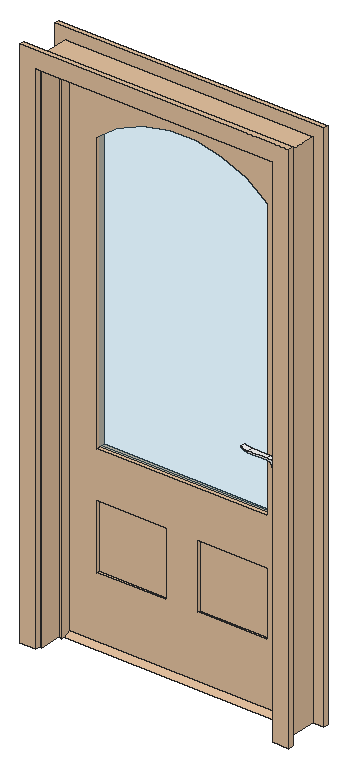
Revit family "d9ec0de224eb4374a9fb30cd61bd154e", category Doors, host Wall, Revit 2021
Family settings
  Host = Wall
  OmniClass Number = 23.30.10.14
  OmniClass Title = Passage Doors by Material
  Always vertical = Yes
  Cut with Voids When Loaded = No
  Shared = No
  Room Calculation Point = No
Parameters (values of type "36" x 80"")
  Visual Light Transmittance = 0
  Trim Material = Cherry
  Threshold Offset [instance] = if(Threshold, 1/2", 0")  # 1/2"
  Threshold Material = Cherry
  Threshold [instance] = yes
  Thickness = 1 3/8"
  Thermal Resistance (R) = 1.0696 (h·ft²·°F)/BTU
  Swing Angle [instance] = 90.00°
  Stiles = 4 3/4"
  Solar Heat Gain Coefficient = 0
  Rough Width = Width + 2"  # 38"
  Rough Height = Height + 1"  # 81"
  Radius = (0.5 * Width - Stiles) * (0.5 * Width - Stiles) / 10" + 2 1/2"  # 20.05625"
  Panel Material = Cherry
  Lock Rail = 7 1/8"
  Height = 80"
  Wall Closure = By host
  Width = 36"
  Heat Transfer Coefficient (U) = 0.9350 BTU/(h·ft²·°F)
  Glazing = Glass
  Function = Exterior
  Frame Material = Cherry
  Exterior Trim [instance] = Door Offset = 0"  # yes
  Door Offset [instance] = 0"
  Door Handle Material = Aluminum
  Bottom Rail = 9 1/2"
  Construction Type = ""
  Assembly Code = "B2030100"
  Analytic Construction = "French door, wood frame with single glass"
Reference planes (in)
  plane 1 "Center (Front/Back)": y = 0
  plane 2 "Center (Left/Right)": x = 0
  plane 3 "Left": x = -19
  plane 4 "Right": x = 19
  plane 5 "Top": z = 81
  plane 6 "Door Offset": y = 2.875
  plane 7 "Interior": y = -3.125
  plane 8 "Door Panel Left": x = -18
  plane 9 "Door Panel Right": x = 18
  plane 10 "Top Of Panel": z = 80
  plane 11: z = 0
  plane 12: z = 0
  plane 13: x = 18.75
  plane 14: y = 1.5
  plane 15: y = 0.125
  plane 16: x = 17.5
  plane 17: y = 1.5
  plane 18: z = 40
  plane 19 "2": x = -13.25
  plane 20: y = 2.05
  plane 21: y = 2.325
  plane 22: z = 36
  plane 23: y = 1.775
  plane 24: y = 2.6
  plane 25: z = 40
  plane 26: z = 0.5
  plane 27 "1": x = 13.25
  plane 28: x = 16
  plane 29: y = 1.95833
  plane 30: y = 2.41667
  plane 31: y = 2.1875
  plane 32: z = 20
  plane 33: z = 27.125
  plane 34: z = 70.25
  plane 35: z = 75.25
  plane 36: z = 55.19375
  plane 37 "Exterior": y = 2.875
Forms (in)
  Sweep 1, solid, material "Cherry" <- "Frame Material"
    path origin (0, 0, 0) x (1, 0, 0) y (0, 0, 1)
      loop
        line (19, 0) -> (19, 81) -> (-19, 81) -> (-19, 0)
    profile origin (19, 0, 40.5) x (-1, 0, 0) y (0, -1, 0)
      loop
        line (1, -2.875) -> (1, -1.5) -> (1.5, -1.5) -> (1.5, -0.125) -> (1, -0.125) -> (1, 3.125) -> (0, 3.125) -> (0, -2.875) -> (1, -2.875)
  Extrusion 2, solid, material "Cherry" <- "Panel Material"
    sketch origin (0, 0, 0) x (1, 0, 0) y (0, 0, 1)
      loop
        line (18, 80) -> (-18, 80) -> (-18, 0.5) -> (18, 0.5) -> (18, 80)
      loop
        line (-13.25, 70.25) -> (-13.25, 27.125) -> (13.25, 27.125) -> (13.25, 70.25)
        arc (13.25, 70.25) -> (0, 75.25) -> (-13.25, 70.25) r 20.05625
      loop
        line (-13.25, 20) -> (-13.25, 10) -> (-2.375, 10) -> (-2.375, 20) -> (-13.25, 20)
      loop
        line (2.375, 20) -> (2.375, 10) -> (13.25, 10) -> (13.25, 20) -> (2.375, 20)
    from -2.875 to -1.5
  Extrusion 3, solid, material "Glass" <- "Glazing"
    sketch origin (0, 0, 0) x (1, 0, 0) y (0, 0, 1)
      loop
        line (-13.25, 70.25) -> (-13.25, 27.125) -> (13.25, 27.125) -> (13.25, 70.25)
        arc (13.25, 70.25) -> (0, 75.25) -> (-13.25, 70.25) r 20.05625
    from -2.325 to -2.05
  Extrusion 4, solid, material "Cherry" <- "Panel Material"
    sketch origin (0, 2.875, 0) x (1, 0, 0) y (0, 0, 1)
      loop
        line (-13.25, 20) -> (-13.25, 10) -> (-2.375, 10) -> (-2.375, 20) -> (-13.25, 20)
      loop
        line (13.25, 10) -> (13.25, 20) -> (2.375, 20) -> (2.375, 10) -> (13.25, 10)
    from 0.45833 to 0.91667
  Sweep 5, solid, material "Cherry" <- "Trim Material", visible <- "Exterior Trim", detail levels fine
    path origin (0, 2.875, 0) x (-1, 0, 0) y (0, 0, 1)
      loop
        line (18, 0) -> (18, 80) -> (-18, 80) -> (-18, 0)
    profile "Casing Profile-Flat : 1x3" origin (18, 2.875, 40) x (-1, 0, 0) y (0, 1, 0)
      loop
        line (-0.25, 0.75) -> (-2.75, 0.75) -> (-2.75, 0) -> (-0.25, 0) -> (-0.25, 0.75)
  Sweep 6, solid, material "Cherry" <- "Trim Material", detail levels fine
    path origin (0, -3.125, 0) x (1, 0, 0) y (0, 0, 1)
      loop
        line (-18, 0) -> (-18, 80) -> (18, 80) -> (18, 0)
    profile "Casing Profile-Flat : 1x3" origin (-18, -3.125, 40) x (-1, 0, 0) y (0, -1, 0)
      loop
        line (0.25, 0.75) -> (0.25, 0) -> (2.75, 0) -> (2.75, 0.75) -> (0.25, 0.75)
Lines and regions (in)
  Opening 1
    outline origin (-90, -3.125, 0) x (1, 0, 0) y (0, 0, 1)
      loop
        line (71, 0) -> (109, 0) -> (109, 81) -> (71, 81) -> (71, 0)
  Masking region 1, detail levels coarse+medium
    outline origin (0, 0, 0) x (1, 0, 0) y (0, 1, 0)
      loop
        line (-19, 2.875) -> (-19, -3.125) -> (-18, -3.125) -> (-18, 2.875) -> (-19, 2.875)
      loop
        line (19, 2.875) -> (18, 2.875) -> (18, -3.125) -> (19, -3.125) -> (19, 2.875)
  Masking region 2, detail levels fine
    outline origin (-1, 0, 0) x (1, 0, 0) y (0, 1, 0)
      loop
        line (-18, 2.875) -> (-18, -3.125) -> (-17, -3.125) -> (-17, 0.125) -> (-16.5, 0.125) -> (-16.5, 1.5) -> (-17, 1.5) -> (-17, 2.875) -> (-18, 2.875)
      loop
        line (20, 2.875) -> (19, 2.875) -> (19, 1.5) -> (18.5, 1.5) -> (18.5, 0.125) -> (19, 0.125) -> (19, -3.125) -> (20, -3.125) -> (20, 2.875)
  Masking region 3, detail levels fine
    outline origin (0, 0, 0) x (1, 0, 0) y (0, 1, 0)
      loop
        line (-20.75, -3.125) -> (-20.75, -3.875) -> (-18.25, -3.875) -> (-18.25, -3.125) -> (-20.75, -3.125)
      loop
        line (18.25, -3.125) -> (18.25, -3.875) -> (20.75, -3.875) -> (20.75, -3.125) -> (18.25, -3.125)
  Masking region 4
    outline origin (0, 0, 0) x (0, 1, 0) y (0, 0, 1)
      loop
        line (2.875, 81) -> (-3.125, 81) -> (-3.125, 80.75) -> (2.875, 80.75) -> (2.875, 81)
  Masking region 5, visible <- "Exterior Trim", detail levels fine
    outline origin (0, -0.25, 0) x (0, -1, 0) y (1, 0, 0)
      loop
        line (-3.125, -20.75) -> (-3.125, -18.25) -> (-3.875, -18.25) -> (-3.875, -20.75) -> (-3.125, -20.75)
      loop
        line (-3.125, 18.25) -> (-3.125, 20.75) -> (-3.875, 20.75) -> (-3.875, 18.25) -> (-3.125, 18.25)
  symbolic lines, style "Elevation Swing"
    curve 1: line (18, 2.875, 79.97241) -> (-18, 2.875, 40)
    curve 2: line (18, 2.875, 0.02759) -> (-18, 2.875, 40)
  model lines, style "DoorsGlassProjection"
    curve 3: line (13.25, 2.1875, 70.25) -> (13.25, 2.1875, 27.125)
    curve 4: line (-13.25, 2.1875, 70.25) -> (-13.25, 2.1875, 27.125)
    curve 5: arc (13.25, 2.1875, 70.25) -> (0, 2.1875, 75.25) -> (-13.25, 2.1875, 70.25) r 20.05625
Text (in)
  text "Exterior" at (-74.96733, 27.31104, 0), in view "Ref. Level"
  text "Interior" at (-74.96733, -25.14366, 0), in view "Ref. Level"
  text "Exterior" at (0, 40.15149, 123.01588), in view "Right"
  text "Interior" at (0, -64.39139, 123.01588), in view "Right"
  text "Interior" at (0, -31.01599, 123.00693), in view "Left"
  text "Exterior" at (0, 54.57065, 123.00693), in view "Left"
Dimensions and locks (in)
  equal spacing: plane 3 "Left", plane 2 "Center (Left/Right)", plane 4 "Right"
  "Rough Height": level to plane 5 "Top"
  equal spacing: plane 8 "Door Panel Left", plane 2 "Center (Left/Right)", plane 9 "Door Panel Right"
  "Width": plane 8 "Door Panel Left" to plane 9 "Door Panel Right"
  "Height": level to plane 10 "Top Of Panel"
  plane 11 to plane 12 = 0"
  locked: plane 13 to plane 4 "Right" at 0.25
  locked: plane 16 to plane 9 "Door Panel Right" at 0.5
  "Thickness": plane 6 "Door Offset" to plane 17
  "Rough Width": plane 3 "Left" to plane 4 "Right"
  "Stiles": plane 8 "Door Panel Left" to plane 19 "2"
  locked: plane 12 to plane 22 at 36
  equal spacing: plane 11, plane 25, plane 10 "Top Of Panel"
  plane 21 to plane 20 = 0.275"
  "Threshold Offset": plane 12 to plane 26
  "Stiles": plane 27 "1" to plane 9 "Door Panel Right"
  plane 28 to plane 4 "Right" = 3"
  "Bottom Rail": plane 26 to Extrusion 2
  equal spacing: plane 17, plane 23, plane 20, plane 21, plane 24, plane 6 "Door Offset"
  equal spacing: plane 17, plane 29, plane 30, plane 6 "Door Offset"
  equal spacing: plane 21, plane 31, plane 20
  equal spacing: plane 11, plane 32, plane 25
  "Lock Rail": plane 32 to plane 33
  locked: plane 35 to plane 10 "Top Of Panel" at 4.75
  locked: plane 34 to plane 35 at 5
  "Radius": plane 36 to plane 35
  locked: plane 17 to Sweep 1 sketch curve at 1.375
  "Door Offset": plane 37 "Exterior" to plane 6 "Door Offset"
  aligned and locked: plane 3 "Left" to Opening 1 sketch curve
  aligned and locked: plane 5 "Top" to Opening 1 sketch curve  (x2)
  aligned and locked: Opening 1 sketch curve to plane 4 "Right"
  aligned and locked: Opening 1 sketch curve to level
  aligned and locked: plane 7 "Interior" to host wall
  aligned and locked: plane 5 "Top" to Sweep 1 sketch curve
  aligned and locked: plane 4 "Right" to Sweep 1 sketch curve
  aligned and locked: Sweep 1 sketch curve to plane 3 "Left"
  aligned and locked: plane 11 to level
  aligned and locked: plane 11 to Sweep 1 sketch curve  (x2)
  aligned and locked: Sweep 1 sketch curve to plane 9 "Door Panel Right"
  aligned and locked: Sweep 1 sketch curve to plane 7 "Interior"
  aligned and locked: Sweep 1 sketch curve to plane 16
  aligned and locked: Extrusion 2 sketch curve to plane 10 "Top Of Panel"
  aligned and locked: Extrusion 2 sketch curve to plane 8 "Door Panel Left"
  aligned and locked: Extrusion 2 to plane 17
  aligned and locked: Extrusion 2 to plane 6 "Door Offset"
  aligned and locked: Extrusion 2 sketch curve to plane 19 "2"
  aligned and locked: Extrusion 3 to plane 21
  aligned and locked: Extrusion 3 to plane 20
  aligned and locked: Masking region 1 sketch curve to plane 3 "Left"
  aligned and locked: plane 8 "Door Panel Left" to Masking region 1 sketch curve
  aligned and locked: Masking region 1 sketch curve to plane 7 "Interior"
  aligned and locked: plane 6 "Door Offset" to Masking region 1 sketch curve
  aligned and locked: plane 9 "Door Panel Right" to Masking region 1 sketch curve
  aligned and locked: Masking region 1 sketch curve to plane 4 "Right"
  aligned and locked: plane 7 "Interior" to Masking region 1 sketch curve
  aligned and locked: Masking region 1 sketch curve to plane 6 "Door Offset"
  aligned and locked: Masking region 2 sketch curve to plane 3 "Left"
  aligned and locked: Masking region 2 sketch curve to plane 7 "Interior"
  aligned and locked: plane 6 "Door Offset" to Masking region 2 sketch curve
  aligned and locked: Masking region 2 sketch curve to Sweep 1  (x3)
  aligned and locked: plane 7 "Interior" to Masking region 3 sketch curve  (x2)
  aligned and locked: Masking region 2 sketch curve to plane 4 "Right"
  aligned and locked: plane 9 "Door Panel Right" to Masking region 2 sketch curve  (x3)
  aligned and locked: nested 1 to plane 8 "Door Panel Left"
  aligned and locked: plane 8 "Door Panel Left" to Masking region 2 sketch curve  (x2)
  aligned and locked: host wall to Sweep 1 sketch curve
  aligned and locked: plane 22 to nested 2
  aligned and locked: Masking region 4 sketch curve to host wall
  aligned and locked: host wall to Masking region 4 sketch curve
  aligned and locked: plane 7 "Interior" to Masking region 4 sketch curve
  aligned and locked: nested 3 to plane 26
  aligned and locked: Extrusion 2 sketch curve to Extrusion 2 sketch curve  (x2)
  aligned and locked: Extrusion 4 sketch curve to Extrusion 2  (x2)
  aligned and locked: Extrusion 2 to Extrusion 4 sketch curve  (x2)
  aligned and locked: Sweep 1 to curve 1
  aligned and locked: plane 25 to curve 2
  aligned and locked: Sweep 1 to curve 2
  aligned and locked: Extrusion 2 to Extrusion 4
  aligned and locked: plane 25 to plane 18
  aligned and locked: nested 2 to plane 28
  aligned and locked: plane 8 "Door Panel Left" to nested 3
  aligned and locked: plane 9 "Door Panel Right" to Sweep 5 sketch curve
  aligned and locked: plane 10 "Top Of Panel" to Sweep 5 sketch curve
  aligned and locked: plane 8 "Door Panel Left" to Sweep 5 sketch curve
  aligned and locked: plane 11 to Sweep 5 sketch curve
  aligned and locked: plane 12 to Sweep 5 sketch curve
  aligned and locked: Sweep 6 sketch curve to plane 8 "Door Panel Left"
  aligned and locked: Sweep 6 sketch curve to plane 10 "Top Of Panel"
  aligned and locked: Sweep 6 sketch curve to plane 9 "Door Panel Right"
  aligned and locked: plane 12 to Sweep 6 sketch curve  (x2)
  aligned and locked: plane 17 to nested 2
  aligned and locked: Extrusion 4 to plane 30
  aligned and locked: Extrusion 4 to plane 29
  aligned and locked: nested 2 to plane 17
  aligned and locked: curve 3 to plane 31
  aligned and locked: curve 4 to plane 31
  aligned and locked: plane 32 to Extrusion 2 sketch curve
  aligned and locked: plane 33 to Extrusion 2 sketch curve
  aligned and locked: plane 33 to Extrusion 3 sketch curve
  aligned and locked: plane 33 to curve 4
  aligned and locked: plane 33 to curve 3
  aligned and locked: plane 34 to Extrusion 2  (x2)
  aligned and locked: plane 34 to curve 3
  aligned and locked: plane 34 to curve 4
  aligned and locked: plane 34 to Extrusion 3
  aligned and locked: plane 34 to Extrusion 2 sketch curve  (x2)
  aligned and locked: plane 2 "Center (Left/Right)" to Extrusion 2 sketch curve
  aligned and locked: plane 32 to Extrusion 4  (x2)
  aligned and locked: plane 36 to Extrusion 2 sketch curve
  aligned and locked: plane 36 to Extrusion 3 sketch curve
  aligned and locked: plane 2 "Center (Left/Right)" to Extrusion 3 sketch curve
  aligned and locked: plane 27 "1" to Extrusion 3 sketch curve
  aligned and locked: plane 34 to Extrusion 3 sketch curve
  aligned and locked: plane 19 "2" to Extrusion 3 sketch curve
  aligned and locked: plane 36 to curve 5
  aligned and locked: plane 2 "Center (Left/Right)" to curve 5
  aligned and locked: plane 34 to curve 5  (x2)
  aligned and locked: plane 27 "1" to curve 5
  aligned and locked: plane 19 "2" to Extrusion 2
  aligned and locked: host wall to plane 37 "Exterior"
  aligned and locked: plane 17 to Masking region 2 sketch curve  (x2)
  aligned and locked: Masking region 2 sketch curve to plane 6 "Door Offset"
  aligned and locked: plane 6 "Door Offset" to Sweep 1 sketch curve
  aligned and locked: plane 17 to Sweep 1 sketch curve
  aligned and locked: Sweep 1 to Masking region 2 sketch curve
  aligned and locked: Masking region 5 sketch curve to plane 37 "Exterior"  (x2)
  aligned and locked: plane 37 "Exterior" to nested 1
Automatic sketch dimensions
  plane 16 to Sweep 1 sketch curve = 1/2"
  plane 19 "2" to Extrusion 2 sketch curve = 0"
  plane 27 "1" to Extrusion 2 sketch curve = 0"
  plane 9 "Door Panel Right" to Extrusion 2 sketch curve = 0"
  Extrusion 2 sketch curve to plane 26 = 0"
  Extrusion 2 sketch curve to plane 2 "Center (Left/Right)" = 2 3/8"
  plane 2 "Center (Left/Right)" to Extrusion 2 sketch curve = 2 3/8"
  Extrusion 2 sketch curve to plane 26 = 9 1/2"
  plane 9 "Door Panel Right" to curve 2 = 0"
  level to curve 2 = 0.02759"
  curve 1 to plane 10 "Top Of Panel" = 0.02759"
  host wall to Masking region 2 sketch curve = 0"
  host wall to Masking region 3 sketch curve = 3/4"
  plane 3 "Left" to Masking region 3 sketch curve = 1 3/4"
  plane 8 "Door Panel Left" to Masking region 3 sketch curve = 1/4"
  Masking region 3 sketch curve to plane 9 "Door Panel Right" = 1/4"
  Masking region 3 sketch curve to plane 4 "Right" = 1 3/4"
  Masking region 3 sketch curve to Masking region 3 sketch curve = 3/4"
  plane 5 "Top" to Masking region 4 sketch curve = 1/4"
  Extrusion 4 sketch curve to plane 32 = 0"  (x2)
  Extrusion 4 sketch curve to plane 26 = 9 1/2"  (x2)
  curve 3 to plane 34 = 0"
  curve 4 to plane 34 = 0"
  Masking region 5 sketch curve to plane 9 "Door Panel Right" = 1/4"
  Masking region 5 sketch curve to Masking region 5 sketch curve = 3/4"  (x2)
  plane 8 "Door Panel Left" to Masking region 5 sketch curve = 1/4"
  plane 3 "Left" to Masking region 5 sketch curve = 1 3/4"
  Masking region 5 sketch curve to plane 4 "Right" = 1 3/4"
Nested families (in)
  nested 1: "Door Swing-Single" at (-18, 2.875, 0) x (-1, 0, 0) z (0, 0, 1), Swing Angle <- "Swing Angle", type "Single"
    with Swing Visible yes, Swing Angle 90.00°, Actual Angle 90.00°, Thickness 1 3/8"
  nested 2: "Entry Door Handle" at (16, 2.1875, 36) x (-1, 0, 0) z (0, 0, 1), type "Standard", detail levels fine
    with Thickness 1 3/8"
  nested 3: "Threshold" at (0, 2.1875, 0) x (0, 1, 0) z (0, 0, 1), visible <- "Threshold", type "Threshold"
    with Threshold Length 36", Panel Width 1 3/8"
Definition of nested family "Entry Door Handle"
  Parameters (values of type "Standard")
    Thickness = 1 3/4"
    Handle Material = none
    Function = (empty or 0)
    Construction Type = ""
    Analytic Construction = "<None>"
  Reference planes (in)
    plane 1 "Center (Front/Back)": y = 0
    plane 2: z = 0
    plane 3 "Center (Left/Right)": x = 0
    plane 4: y = 0.875
    plane 5: y = -0.875
    plane 6: z = -5.79187
    plane 7: y = 2.4498
    plane 8: z = 3.24803
    plane 9: y = -2.4498
    plane 10: z = -2.3622
  Forms (in)
    Extrusion 1, solid, material <- "Handle Material"
      sketch origin (0, -0.875, 0) x (-1, 0, 0) y (0, 0, -1)
        loop
          line (0.98425, -4.92126) -> (0.98425, 2.75591)
          arc (0.98425, 2.75591) -> (0, 3.74016) -> (-0.98425, 2.75591) r 0.98425
          line (-0.98425, 2.75591) -> (-0.98425, -4.92126)
          arc (-0.98425, -4.92126) -> (0, -5.90551) -> (0.98425, -4.92126) r 0.98425
      from 0 to 0.3937
    Extrusion 2, solid, material <- "Handle Material"
      sketch origin (0, 0.875, 0) x (-1, 0, 0) y (0, 0, -1)
        loop
          line (0.98425, -4.92126) -> (0.98425, 2.75591)
          arc (0.98425, 2.75591) -> (0, 3.74016) -> (-0.98425, 2.75591) r 0.98425
          line (-0.98425, 2.75591) -> (-0.98425, -4.92126)
          arc (-0.98425, -4.92126) -> (0, -5.90551) -> (0.98425, -4.92126) r 0.98425
      from 0 to -0.3937
    Extrusion 3, solid, material <- "Handle Material"
      sketch origin (0, -0.875, 0) x (-1, 0, 0) y (0, 0, -1)
        loop
          circle (0, 0) r 0.31496
      from 0.3937 to 1.5748
    Extrusion 4, solid, material <- "Handle Material"
      sketch origin (0, 0.7874, 0) x (-1, 0, 0) y (0, 0, 1)
        loop
          circle (0, 0) r 0.31496
      from 0.4813 to 1.6624
    Extrusion 5, solid, material <- "Handle Material"
      sketch origin (0, -2.4498, 0) x (1, 0, 0) y (0, 0, 1)
        loop
          arc (-0.25623, 0.18316) -> (-0.09617, -0.29992) -> (0.31496, 0) r 0.31496
          arc (0.31496, 0) -> (0.57211, 0.36971) -> (0.99946, 0.51181) r 0.71363
          line (0.99946, 0.51181) -> (4.00172, 0.51181)
          arc (4.00172, 0.51181) -> (4.58305, 0.62197) -> (5.11811, 0.87455) r 2.33776
          line (5.11811, 0.87455) -> (5.11811, 0.98425)
          arc (5.11811, 0.98425) -> (4.56848, 0.83722) -> (4.00172, 0.7874) r 3.27894
          line (4.00172, 0.7874) -> (0.99872, 0.7874)
          arc (0.99872, 0.7874) -> (0.29501, 0.64361) -> (-0.25623, 0.18316) r 1.46784
      from 0 to 0.7874
    Extrusion 6, solid, material <- "Handle Material"
      sketch origin (0, 2.4498, 0) x (1, 0, 0) y (0, 0, -1)
        loop
          arc (0.31496, 0) -> (-0.09617, 0.29992) -> (-0.25623, -0.18316) r 0.31496
          arc (-0.25623, -0.18316) -> (0.29501, -0.64361) -> (0.99872, -0.7874) r 1.46784
          line (0.99872, -0.7874) -> (4.00172, -0.7874)
          arc (4.00172, -0.7874) -> (4.56848, -0.83722) -> (5.11811, -0.98425) r 3.27894
          line (5.11811, -0.98425) -> (5.11811, -0.87455)
          arc (5.11811, -0.87455) -> (4.58305, -0.62197) -> (4.00172, -0.51181) r 2.33776
          line (4.00172, -0.51181) -> (0.99946, -0.51181)
          arc (0.99946, -0.51181) -> (0.57211, -0.36971) -> (0.31496, 0) r 0.71363
      from 0 to 0.7874
    Extrusion 7, solid, material <- "Handle Material"
      sketch origin (0, -1.2687, 0.3937) x (-1, 0, 0) y (0, 0, -1)
        loop
          circle (0, -2.85433) r 0.31496
      from 0 to 0.3937
    Extrusion 8, solid, material <- "Handle Material"
      sketch origin (0, 1.2687, 5.61024) x (-1, 0, 0) y (0, 0, 1)
        loop
          line (-0.19685, -1.77165) -> (-0.19685, -2.95276) -> (0.19685, -2.95276) -> (0.19685, -1.77165) -> (-0.19685, -1.77165)
      from 0 to 0.3937
  Dimensions and locks (in)
    equal spacing: plane 5, plane 1 "Center (Front/Back)", plane 4
    "Thickness": plane 5 to plane 4
    locked: plane 4 to plane 7 at 1.5748
    locked: plane 9 to plane 5 at 1.5748
    locked: Extrusion 6 to plane 7 at 0.7874
    locked: plane 9 to Extrusion 5 at 0.7874
    locked: plane 2 to plane 10 at 2.3622
    aligned and locked: Extrusion 3 to Extrusion 1
    aligned and locked: Extrusion 4 to Extrusion 2
    aligned and locked: plane 7 to Extrusion 6
    aligned and locked: Extrusion 4 to plane 7
    aligned and locked: plane 9 to Extrusion 5
    aligned and locked: Extrusion 1 sketch curve to Extrusion 2
  Automatic sketch dimensions
    Extrusion 3 sketch curve to level = 0"
    Extrusion 3 sketch curve to plane 3 "Center (Left/Right)" = 0"
    Extrusion 4 sketch curve to level = 0"
    Extrusion 4 sketch curve to plane 3 "Center (Left/Right)" = 0"
    Extrusion 5 sketch curve to level = 0"  (x2)
    Extrusion 5 sketch curve to plane 3 "Center (Left/Right)" = 0"
    Extrusion 5 sketch curve to plane 3 "Center (Left/Right)" = 0.25623"
    plane 3 "Center (Left/Right)" to Extrusion 5 sketch curve = 0.31496"
    Extrusion 5 sketch curve to level = 0.67892"
    Extrusion 5 sketch curve to Extrusion 5 sketch curve = 0.61683"
    level to Extrusion 5 sketch curve = 0.7874"
    Extrusion 5 sketch curve to Extrusion 5 sketch curve = 0.00074"
    Extrusion 5 sketch curve to Extrusion 5 sketch curve = 1.11639"
    Extrusion 5 sketch curve to Extrusion 5 sketch curve = 0"
    Extrusion 5 sketch curve to level = 0.20182"
    level to Extrusion 5 sketch curve = 0.87455"
    Extrusion 5 sketch curve to Extrusion 5 sketch curve = 0.1097"
    Extrusion 5 sketch curve to Extrusion 5 sketch curve = 2.86193"
    Extrusion 5 sketch curve to Extrusion 5 sketch curve = 0.13846"
    Extrusion 5 sketch curve to Extrusion 5 sketch curve = 0.14107"
    Extrusion 6 sketch curve to level = 0"
    Extrusion 6 sketch curve to plane 3 "Center (Left/Right)" = 0"
    level to Extrusion 6 sketch curve = 0.18316"
    Extrusion 6 sketch curve to plane 3 "Center (Left/Right)" = 0.25623"
    Extrusion 6 sketch curve to level = 0.67892"
    Extrusion 6 sketch curve to Extrusion 6 sketch curve = 0.61683"
    Extrusion 6 sketch curve to Extrusion 6 sketch curve = 0.00074"
    Extrusion 6 sketch curve to level = 0.20182"
    Extrusion 6 sketch curve to Extrusion 6 sketch curve = 0.06766"
    Extrusion 6 sketch curve to Extrusion 6 sketch curve = 2.86193"
    Extrusion 6 sketch curve to Extrusion 6 sketch curve = 0.13846"
    Extrusion 6 sketch curve to Extrusion 6 sketch curve = 0.14107"
    Extrusion 6 sketch curve to Extrusion 6 sketch curve = 0"
    level to Extrusion 6 sketch curve = 0.87455"
    Extrusion 6 sketch curve to Extrusion 6 sketch curve = 1.11639"
    Extrusion 6 sketch curve to Extrusion 6 sketch curve = 0.1097"
    level to Extrusion 1 sketch curve = 2.75591"
    Extrusion 2 sketch curve to level = 4.92126"
    Extrusion 2 sketch curve to plane 3 "Center (Left/Right)" = 0"
    Extrusion 2 sketch curve to plane 3 "Center (Left/Right)" = 0.98425"
    level to Extrusion 2 sketch curve = 2.75591"
    Extrusion 7 sketch curve to Extrusion 1 = 0.98425"
    Extrusion 8 sketch curve to Extrusion 2 = 0.7874"
    Extrusion 8 sketch curve to Extrusion 8 sketch curve = 0.3937"
    Extrusion 8 sketch curve to Extrusion 8 sketch curve = 1.1811"
    radius of Extrusion 3 sketch curve = 0.31496"
    radius of Extrusion 4 sketch curve = 0.31496"
    radius of Extrusion 7 sketch curve = 0.31496"
Definition of nested family "Threshold"
  Parameters (values of type "Threshold")
    Threshold Length = 72"
    Threshold Height = 1/2"
    Panel Width = 2"
    Material = none
    Analytic Construction = "<None>"
  Reference planes (in)
    plane 1 "Center (Front/Back)": y = 0
    plane 2: z = 0
    plane 3 "Center (Left/Right)": x = 0
    plane 4: x = -2
    plane 5: x = 2
    plane 6: z = 0.5
    plane 7: x = -1
    plane 8: x = 1
    plane 9: y = 36
    plane 10: y = -36
  Forms (in)
    Extrusion 1, solid, material <- "Material"
      sketch origin (0, 0, 0) x (1, 0, 0) y (0, 0, 1)
        loop
          line (-2, 0) -> (2, 0) -> (1, 0.5) -> (-1, 0.5) -> (-2, 0)
      from -36 to 36
  Dimensions and locks (in)
    "Threshold Height": plane 6 to plane 2
    equal spacing: plane 8, plane 3 "Center (Left/Right)", plane 7
    "Panel Width": plane 8 to plane 7
    equal spacing: plane 9, plane 1 "Center (Front/Back)", plane 10
    "Threshold Length": plane 9 to plane 10
    locked: plane 7 to plane 4 at 1
    locked: plane 8 to plane 5 at 1
    aligned and locked: plane 2 to level
    aligned and locked: Extrusion 1 sketch curve to plane 6
    aligned and locked: Extrusion 1 sketch curve to plane 2
    aligned and locked: plane 5 to Extrusion 1 sketch curve
    aligned and locked: plane 7 to Extrusion 1 sketch curve
    aligned and locked: plane 8 to Extrusion 1 sketch curve
    aligned and locked: plane 9 to Extrusion 1
    aligned and locked: plane 10 to Extrusion 1
  Automatic sketch dimensions
    Extrusion 1 sketch curve to plane 4 = 0"
Definition of nested family "Door Swing-Single"
  Parameters
    Width = 36"
    Thickness = 1 3/4"
    Swing Visible [instance] = Swing Angle > 1.00°  # yes
    Swing Angle [instance] = 45.00°
    Assembly Code = ""
    Analytic Construction = "<None>"
    Actual Angle [instance] = if(Swing Angle < 1.00°, 1.00°, Swing Angle)  # 45.00°
  Reference planes (in)
    plane 1 "Center (Front/Back)": y = 0
    plane 2: z = 0
    plane 3 "Center (Left/Right)": x = 0
    plane 4: x = -36
  Lines and regions (in)
    Masking region 1
      outline origin (0, 0, 0) x (-0.707107, 0.707107, 0) y (-0.707107, -0.707107, 0)
        loop
          line (0, 0) -> (36, 0) -> (36, 1.75) -> (0, 1.75) -> (0, 0)
    symbolic lines
      curve 1: line (0, 0, 0) -> (-36, 0, 0)
    symbolic lines, visible <- "Swing Visible"
      curve 2: arc (-36, 0, 0) -> (-33.25966, 13.7766, 0) -> (-25.45584, 25.45584, 0) r 36
    reference lines
      curve 3: line (0, 0, 0) -> (-25.45584, 25.45584, 0)
    model lines
      curve 4: line (0, 0, 0) -> (0, 0, 1)
  Dimensions and locks (in)
    "Width": plane 4 to plane 3 "Center (Left/Right)"
    locked: curve 2 to plane 3 "Center (Left/Right)"
    locked: curve 2 to plane 1 "Center (Front/Back)"
    "Width": curve 3 to curve 3
    "Thickness": Masking region 1 sketch curve to Masking region 1 sketch curve
    locked: curve 4 to plane 2 at 1
    "Width": radius of curve 2
    "Actual Angle": angle curve 2 to curve 2
    "Swing Angle": angle curve 3 to plane 1 "Center (Front/Back)"
    aligned and locked: curve 1 to plane 1 "Center (Front/Back)"
    aligned and locked: plane 3 "Center (Left/Right)" to curve 1
    aligned and locked: plane 3 "Center (Left/Right)" to curve 3
    aligned and locked: plane 1 "Center (Front/Back)" to curve 3
    aligned and locked: curve 3 to Masking region 1 sketch curve
    aligned and locked: Masking region 1 sketch curve to curve 3  (x2)
    aligned and locked: plane 3 "Center (Left/Right)" to curve 4
    aligned and locked: plane 2 to curve 4
